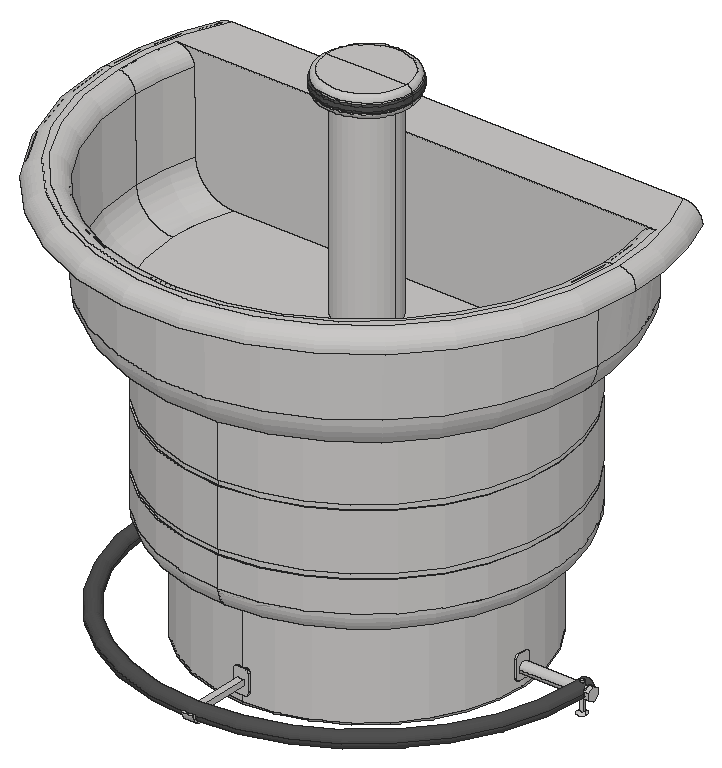
Revit family "Washfountain_Lavatory-Bradley_Corp-WF2703-Type_H_Drain", category Plumbing Fixtures, Revit 2012 (continued)
Lines and regions (in)
  symbolic lines, detail levels medium+fine
    curve 145: circle (4.87771, -7.6967, 28) r 0.1842 normal (0, 0, 1)
    curve 146: circle (4.62063, -8.31733, 28) r 0.1842 normal (0, 0, 1)
    curve 147: circle (4, -8.57441, 28) r 0.1842 normal (0, 0, 1)
    curve 148: circle (3.37937, -8.31733, 28) r 0.1842 normal (0, 0, 1)
    curve 176: arc (-12.38828, -6.27314, 28) -> (0.21261, -20.22419, 28) -> (12.33075, -5.85182, 28) r 12.476
    curve 177: arc (-11.60696, -5.4365, 28) -> (-12.17933, -5.68512, 28) -> (-12.38828, -6.27314, 28) r 0.78315
    curve 178: arc (12.36654, -6.02898, 28) -> (12.08862, -5.60213, 28) -> (11.60696, -5.4365, 28) r 0.78315
    curve 179: line (-11.60696, -5.4365, 28) -> (11.60696, -5.4365, 28)
    curve 189: circle (0, -7.6967, 33.875) r 2.75 normal (0, 0, 1)
  symbolic lines, visible <- "Sensor Module"
    curve 41: line (-1.99987, -7.6967, 34.53462) -> (1.99987, -7.6967, 34.53462)
    curve 57: line (0, -5.6967, 34.53462) -> (0, -9.69657, 34.53462)
  symbolic lines, visible <- "Sensor Module", detail levels fine
    curve 42: line (-4.49987, -7.6967, 36.80962) -> (4.49987, -7.6967, 36.80962)
    curve 59: line (0, -3.1967, 36.80962) -> (0, -12.1967, 36.80962)
  symbolic lines, visible <- "Sensor Module", detail levels medium
    curve 43: line (-4.57537, -7.6967, 35.36012) -> (4.57537, -7.6967, 35.36012)
    curve 58: line (0, -3.12133, 35.36012) -> (0, -12.27207, 35.36012)
  symbolic lines, visible <- "Soap Dispenser", detail levels medium+fine
    curve 44: line (-6.13971, -7.6967, 41.37453) -> (6.13971, -7.6967, 41.37453)
    curve 60: line (0, -13.83546, 41.37453) -> (0, -5.4467, 41.37453)
    curve 185: line (-4.15684, -5.4467, 42.375) -> (-4.15684, -7.6967, 42.375)
    curve 186: arc (4.15684, -7.6967, 42.375) -> (0, -11.85353, 42.375) -> (-4.15684, -7.6967, 42.375) r 4.15684
    curve 187: line (4.15684, -5.4467, 42.375) -> (4.15684, -7.6967, 42.375)
  symbolic lines, visible <- "Soap Dispenser", detail levels fine
    curve 45: line (6.13971, -7.6967, 41.99971) -> (-6.13971, -7.6967, 41.99971)
    curve 46: line (-5.98301, -7.6967, 40.73265) -> (5.98301, -7.6967, 40.73265)
    curve 47: line (5.93039, -7.6967, 39.48265) -> (-5.93039, -7.6967, 39.48265)
    curve 48: line (-5.87777, -7.6967, 38.23265) -> (5.87777, -7.6967, 38.23265)
    curve 49: line (5.81, -7.6967, 36.98265) -> (-5.81, -7.6967, 36.98265)
    curve 61: line (0, -13.83546, 41.99971) -> (0, -5.4467, 41.99971)
    curve 62: line (0, -13.67876, 40.73265) -> (0, -5.4467, 40.73265)
    curve 63: line (0, -13.62614, 39.48265) -> (0, -5.4467, 39.48265)
    curve 64: line (0, -13.57352, 38.23265) -> (0, -5.4467, 38.23265)
    curve 65: line (0, -13.50574, 36.98265) -> (0, -5.4467, 36.98265)
  model lines, visible <- "Towel Dispenser", detail levels fine
    curve 79: spline (-9.02868, -6.55856, 48.62502) -> (-8.93498, -6.72086, 51.66615) -> (-8.66025, -7.1967, 54.50002) -> (-8.22323, -7.95365, 56.93353) -> (-7.65368, -8.94013, 58.80082) -> (-6.99044, -10.08891, 59.97465) -> (-6.27868, -11.3217, 60.37502) -> (-5.56693, -12.55449, 59.97465) -> (-4.90368, -13.70327, 58.80082) -> (-4.33414, -14.68975, 56.93353) -> (-3.89711, -15.4467, 54.50002) -> (-3.62239, -15.92254, 51.66615) -> (-3.52868, -16.08484, 48.62502)
    curve 80: spline (3.52868, -16.08484, 48.62502) -> (3.62239, -15.92254, 51.66615) -> (3.89711, -15.4467, 54.50002) -> (4.33414, -14.68975, 56.93353) -> (4.90368, -13.70327, 58.80082) -> (5.56693, -12.55449, 59.97465) -> (6.27868, -11.3217, 60.37502) -> (6.99044, -10.08891, 59.97465) -> (7.65368, -8.94013, 58.80082) -> (8.22323, -7.95365, 56.93353) -> (8.66025, -7.1967, 54.50002) -> (8.93498, -6.72086, 51.66615) -> (9.02868, -6.55856, 48.62502)
    curve 81: spline (4.50718, -14.39003, 51.22702) -> (4.52698, -14.35573, 51.2611) -> (4.54543, -14.32377, 51.361) -> (4.56128, -14.29633, 51.51992) -> (4.57344, -14.27528, 51.72702) -> (4.58108, -14.26204, 51.9682) -> (4.58368, -14.25752, 52.22702) -> (4.58108, -14.26204, 52.48584) -> (4.57344, -14.27528, 52.72702) -> (4.56128, -14.29633, 52.93413) -> (4.54543, -14.32377, 53.09305) -> (4.52698, -14.35573, 53.19295) -> (4.50718, -14.39003, 53.22702) -> (4.48738, -14.42432, 53.19295) -> (4.46893, -14.45628, 53.09305) -> (4.45309, -14.48372, 52.93413) -> (4.44093, -14.50478, 52.72702) -> (4.43329, -14.51801, 52.48584) -> (4.43068, -14.52253, 52.22702) -> (4.43329, -14.51801, 51.9682) -> (4.44093, -14.50478, 51.72702) -> (4.45309, -14.48372, 51.51992) -> (4.46893, -14.45628, 51.361) -> (4.48738, -14.42432, 51.2611) -> (4.50718, -14.39003, 51.22702)
    curve 82: spline (-8.05018, -8.25337, 51.22702) -> (-8.03038, -8.28766, 51.2611) -> (-8.01193, -8.31962, 51.361) -> (-7.99609, -8.34706, 51.51992) -> (-7.98393, -8.36812, 51.72702) -> (-7.97629, -8.38136, 51.9682) -> (-7.97368, -8.38587, 52.22702) -> (-7.97629, -8.38136, 52.48584) -> (-7.98393, -8.36812, 52.72702) -> (-7.99609, -8.34706, 52.93413) -> (-8.01193, -8.31962, 53.09305) -> (-8.03038, -8.28766, 53.19295) -> (-8.05018, -8.25337, 53.22702) -> (-8.06998, -8.21907, 53.19295) -> (-8.08843, -8.18712, 53.09305) -> (-8.10428, -8.15968, 52.93413) -> (-8.11644, -8.13862, 52.72702) -> (-8.12408, -8.12538, 52.48584) -> (-8.12668, -8.12087, 52.22702) -> (-8.12408, -8.12538, 51.9682) -> (-8.11644, -8.13862, 51.72702) -> (-8.10428, -8.15968, 51.51992) -> (-8.08843, -8.18712, 51.361) -> (-8.06998, -8.21907, 51.2611) -> (-8.05018, -8.25337, 51.22702)
  symbolic lines, visible <- "Towel Dispenser"
    curve 83: line (-2, -26.03001, 62.563) -> (2, -26.03001, 62.563)
    curve 84: line (-9.02868, -26.03001, 61.87567) -> (-3.52868, -26.03001, 61.87567)
    curve 85: line (-3.52868, -26.03001, 61.87567) -> (-0.06458, -26.03001, 62.563)
    curve 86: line (0.06458, -26.03001, 62.563) -> (3.52868, -26.03001, 61.87567)
    curve 87: line (3.52868, -26.03001, 61.87567) -> (9.02868, -26.03001, 61.87567)
    curve 88: line (3.52868, -26.03001, 61.87567) -> (3.52868, -26.03001, 48.62502)
    curve 89: line (3.52868, -26.03001, 48.62502) -> (9.02868, -26.03001, 48.62502)
    curve 90: line (3.52868, -26.03001, 48.62502) -> (1.58013, -26.03001, 47.25)
    curve 91: line (0.06458, -26.03001, 47.25) -> (0.06458, -26.03001, 62.563)
    curve 92: line (-0.06458, -26.03001, 62.563) -> (-0.06458, -26.03001, 47.25)
    curve 93: line (-9.02868, -26.03001, 48.62502) -> (-3.52868, -26.03001, 48.62502)
    curve 94: line (-3.52868, -26.03001, 48.62502) -> (-1.58013, -26.03001, 47.25)
    curve 95: line (-3.52868, -26.03001, 48.62502) -> (-3.52868, -26.03001, 61.87567)
    curve 108: line (0, -4.4467, 62.563) -> (0, -4.4467, 47.25)
    curve 109: line (0, -4.55856, 62.563) -> (0, -4.55856, 47.25)
    curve 110: line (0, -6.55856, 61.87567) -> (0, -4.55856, 62.563)
    curve 111: line (0, -6.55856, 48.62502) -> (0, -6.55856, 61.87567)
    curve 112: line (0, -6.55856, 61.87567) -> (0, -16.08484, 61.87567)
    curve 113: line (0, -5.6967, 62.563) -> (0, -9.6967, 62.563)
    curve 116: line (0, -5.43356, 47.25) -> (0, -6.55856, 48.62502)
    curve 117: line (0, -6.55856, 48.62502) -> (0, -16.08484, 48.62502)
    curve 123: line (-5.56458, 0, 62.563) -> (-5.56458, 0, 47.25)
    curve 124: line (5.56458, 0, 62.563) -> (5.56458, 0, 47.25)
    curve 125: line (-5.56458, 0, 61.87567) -> (5.56458, 0, 61.87567)
    curve 126: line (-5.56458, 0, 61.37567) -> (5.56458, 0, 61.37567)
    curve 127: line (-5.56458, 0, 48.8286) -> (5.56458, 0, 48.8286)
    curve 128: line (-5.56458, 0, 48.3286) -> (5.56458, 0, 48.3286)
    curve 129: line (-2, 0, 47.25) -> (-2, 0, 48.3286)
    curve 130: line (2.00013, 0, 47.25) -> (2.00013, 0, 48.3286)
    curve 131: line (2, 0, 48.8286) -> (2, 0, 61.37567)
    curve 132: line (2, 0, 61.87567) -> (2, 0, 62.563)
    curve 133: line (-2, 0, 62.563) -> (-2, 0, 61.87567)
    curve 134: line (-2, 0, 61.37567) -> (-2, 0, 48.8286)
    curve 135: line (-2, -26.03001, 47.25) -> (2.00013, -26.03001, 47.25)
    curve 181: line (-0.06458, -14.08484, 47.25) -> (-5.56458, -4.55856, 47.25)
    curve 182: line (5.56458, -4.55856, 47.25) -> (0.06458, -14.08484, 47.25)
    curve 184: circle (0, -7.6967, 47.25) r 2 normal (0, 0, 1)
  symbolic lines, visible <- "Towel Dispenser", detail levels fine
    curve 96: spline (-9.02868, -26.03001, 48.62502) -> (-8.93498, -26.03001, 51.66615) -> (-8.66025, -26.03001, 54.50002) -> (-8.22323, -26.03001, 56.93353) -> (-7.65368, -26.03001, 58.80082) -> (-6.99044, -26.03001, 59.97465) -> (-6.27868, -26.03001, 60.37502) -> (-5.56693, -26.03001, 59.97465) -> (-4.90368, -26.03001, 58.80082) -> (-4.33414, -26.03001, 56.93353) -> (-3.89711, -26.03001, 54.50002) -> (-3.62239, -26.03001, 51.66615) -> (-3.52868, -26.03001, 48.62502)
    curve 97: spline (3.52868, -26.03001, 48.62502) -> (3.62239, -26.03001, 51.66615) -> (3.89711, -26.03001, 54.50002) -> (4.33414, -26.03001, 56.93353) -> (4.90368, -26.03001, 58.80082) -> (5.56693, -26.03001, 59.97465) -> (6.27868, -26.03001, 60.37502) -> (6.99044, -26.03001, 59.97465) -> (7.65368, -26.03001, 58.80082) -> (8.22323, -26.03001, 56.93353) -> (8.66025, -26.03001, 54.50002) -> (8.93498, -26.03001, 51.66615) -> (9.02868, -26.03001, 48.62502)
    curve 98: spline (-8.05018, -26.03001, 51.22702) -> (-8.03038, -26.03001, 51.2611) -> (-8.01193, -26.03001, 51.361) -> (-7.99609, -26.03001, 51.51992) -> (-7.98393, -26.03001, 51.72702) -> (-7.97629, -26.03001, 51.9682) -> (-7.97368, -26.03001, 52.22702) -> (-7.97629, -26.03001, 52.48584) -> (-7.98393, -26.03001, 52.72702) -> (-7.99609, -26.03001, 52.93413) -> (-8.01193, -26.03001, 53.09305) -> (-8.03038, -26.03001, 53.19295) -> (-8.05018, -26.03001, 53.22702) -> (-8.06998, -26.03001, 53.19295) -> (-8.08843, -26.03001, 53.09305) -> (-8.10428, -26.03001, 52.93413) -> (-8.11644, -26.03001, 52.72702) -> (-8.12408, -26.03001, 52.48584) -> (-8.12668, -26.03001, 52.22702) -> (-8.12408, -26.03001, 51.9682) -> (-8.11644, -26.03001, 51.72702) -> (-8.10428, -26.03001, 51.51992) -> (-8.08843, -26.03001, 51.361) -> (-8.06998, -26.03001, 51.2611) -> (-8.05018, -26.03001, 51.22702)
    curve 99: spline (4.50718, -26.03001, 51.22702) -> (4.52698, -26.03001, 51.2611) -> (4.54543, -26.03001, 51.361) -> (4.56128, -26.03001, 51.51992) -> (4.57344, -26.03001, 51.72702) -> (4.58108, -26.03001, 51.9682) -> (4.58368, -26.03001, 52.22702) -> (4.58108, -26.03001, 52.48584) -> (4.57344, -26.03001, 52.72702) -> (4.56128, -26.03001, 52.93413) -> (4.54543, -26.03001, 53.09305) -> (4.52698, -26.03001, 53.19295) -> (4.50718, -26.03001, 53.22702) -> (4.48738, -26.03001, 53.19295) -> (4.46893, -26.03001, 53.09305) -> (4.45309, -26.03001, 52.93413) -> (4.44093, -26.03001, 52.72702) -> (4.43329, -26.03001, 52.48584) -> (4.43068, -26.03001, 52.22702) -> (4.43329, -26.03001, 51.9682) -> (4.44093, -26.03001, 51.72702) -> (4.45309, -26.03001, 51.51992) -> (4.46893, -26.03001, 51.361) -> (4.48738, -26.03001, 51.2611) -> (4.50718, -26.03001, 51.22702)
    curve 114: spline (0, -6.55856, 48.62502) -> (0, -6.72086, 51.66615) -> (0, -7.1967, 54.50002) -> (0, -7.95365, 56.93353) -> (0, -8.94013, 58.80082) -> (0, -10.08891, 59.97465) -> (0, -11.3217, 60.37502) -> (0, -12.55449, 59.97465) -> (0, -13.70327, 58.80082) -> (0, -14.68975, 56.93353) -> (0, -15.4467, 54.50002) -> (0, -15.92254, 51.66615) -> (0, -16.08484, 48.62502)
    curve 115: spline (0, -14.39003, 51.22702) -> (0, -14.35573, 51.2611) -> (0, -14.32377, 51.361) -> (0, -14.29633, 51.51992) -> (0, -14.27528, 51.72702) -> (0, -14.26204, 51.9682) -> (0, -14.25752, 52.22702) -> (0, -14.26204, 52.48584) -> (0, -14.27528, 52.72702) -> (0, -14.29633, 52.93413) -> (0, -14.32377, 53.09305) -> (0, -14.35573, 53.19295) -> (0, -14.39003, 53.22702) -> (0, -14.42432, 53.19295) -> (0, -14.45628, 53.09305) -> (0, -14.48372, 52.93413) -> (0, -14.50478, 52.72702) -> (0, -14.51801, 52.48584) -> (0, -14.52253, 52.22702) -> (0, -14.51801, 51.9682) -> (0, -14.50478, 51.72702) -> (0, -14.48372, 51.51992) -> (0, -14.45628, 51.361) -> (0, -14.42432, 51.2611) -> (0, -14.39003, 51.22702)
  symbolic lines, visible <- "Towel Dispenser", detail levels medium+fine
    curve 100: line (-7.85863, -26.03001, 48.3286) -> (-3.85863, -26.03001, 48.3286)
    curve 101: spline (-3.85863, -26.03001, 48.3286) -> (-3.74268, -26.03001, 48.31528) -> (-3.59687, -26.03001, 48.27621) -> (-3.43113, -26.03001, 48.21406) -> (-3.25676, -26.03001, 48.13306) -> (-3.08563, -26.03001, 48.03873) -> (-2.92941, -26.03001, 47.93751) -> (-2.79874, -26.03001, 47.83629) -> (-2.70254, -26.03001, 47.74197) -> (-2.64735, -26.03001, 47.66097) -> (-2.63694, -26.03001, 47.59882) -> (-2.67201, -26.03001, 47.55975) -> (-2.75019, -26.03001, 47.54642)
    curve 102: line (-2.75019, -26.03001, 47.54642) -> (-6.75019, -26.03001, 47.54642)
    curve 103: spline (-6.75019, -26.03001, 47.54642) -> (-6.86613, -26.03001, 47.55975) -> (-7.01194, -26.03001, 47.59882) -> (-7.17768, -26.03001, 47.66097) -> (-7.35206, -26.03001, 47.74197) -> (-7.52319, -26.03001, 47.83629) -> (-7.67941, -26.03001, 47.93751) -> (-7.81007, -26.03001, 48.03873) -> (-7.90628, -26.03001, 48.13306) -> (-7.96146, -26.03001, 48.21406) -> (-7.97187, -26.03001, 48.27621) -> (-7.9368, -26.03001, 48.31528) -> (-7.85863, -26.03001, 48.3286)
    curve 104: line (7.85863, -26.03001, 48.3286) -> (3.85863, -26.03001, 48.3286)
    curve 105: spline (3.85863, -26.03001, 48.3286) -> (3.74268, -26.03001, 48.31528) -> (3.59687, -26.03001, 48.27621) -> (3.43113, -26.03001, 48.21406) -> (3.25676, -26.03001, 48.13306) -> (3.08563, -26.03001, 48.03873) -> (2.92941, -26.03001, 47.93751) -> (2.79874, -26.03001, 47.83629) -> (2.70254, -26.03001, 47.74197) -> (2.64735, -26.03001, 47.66097) -> (2.63694, -26.03001, 47.59882) -> (2.67201, -26.03001, 47.55975) -> (2.75019, -26.03001, 47.54642)
    curve 106: line (2.75019, -26.03001, 47.54642) -> (6.75019, -26.03001, 47.54642)
    curve 107: spline (6.75019, -26.03001, 47.54642) -> (6.86613, -26.03001, 47.55975) -> (7.01194, -26.03001, 47.59882) -> (7.17768, -26.03001, 47.66097) -> (7.35206, -26.03001, 47.74197) -> (7.52319, -26.03001, 47.83629) -> (7.67941, -26.03001, 47.93751) -> (7.81007, -26.03001, 48.03873) -> (7.90628, -26.03001, 48.13306) -> (7.96146, -26.03001, 48.21406) -> (7.97187, -26.03001, 48.27621) -> (7.9368, -26.03001, 48.31528) -> (7.85863, -26.03001, 48.3286)
    curve 118: spline (0, -7.61507, 48.3286) -> (0, -7.43606, 48.31528) -> (0, -7.24745, 48.27621) -> (0, -7.06208, 48.21406) -> (0, -6.89258, 48.13306) -> (0, -6.75052, 48.03873) -> (0, -6.64558, 47.93751) -> (0, -6.58489, 47.83629) -> (0, -6.57261, 47.74197) -> (0, -6.60956, 47.66097) -> (0, -6.69323, 47.59882) -> (0, -6.81791, 47.55975) -> (0, -6.97512, 47.54642)
    curve 119: line (0, -6.97512, 47.54642) -> (0, -13.90332, 47.54642)
    curve 120: spline (0, -13.90332, 47.54642) -> (0, -14.08233, 47.55975) -> (0, -14.27095, 47.59882) -> (0, -14.45632, 47.66097) -> (0, -14.62581, 47.74197) -> (0, -14.76787, 47.83629) -> (0, -14.87282, 47.93751) -> (0, -14.9335, 48.03873) -> (0, -14.94579, 48.13306) -> (0, -14.90884, 48.21406) -> (0, -14.82517, 48.27621) -> (0, -14.70048, 48.31528) -> (0, -14.54328, 48.3286)
    curve 121: line (0, -14.54328, 48.3286) -> (0, -7.61507, 48.3286)
    curve 180: line (-7.08013, -5.43356, 47.25) -> (-1.58013, -14.95984, 47.25)
    curve 183: line (1.58013, -14.95984, 47.25) -> (7.08013, -5.43356, 47.25)
  model lines, detail levels medium+fine
    curve 137: circle (4, -7.6967, 19.06097) r 1.25 normal (0, 0, 1)
    curve 193: circle (4, -7.6967, 19.12) r 1.25 normal (0, 0, 1)
  symbolic lines, visible <- "Foot Control Valve", detail levels fine
    curve 155: line (0, -7.5767, 0.1445) -> (0, -7.8167, 0.1445)
    curve 156: circle (0, -7.75001, 1.425) r 0.36122 normal (1, 0, 0)
    curve 157: line (0, -7.5767, 1.99999) -> (0, -7.8167, 1.99999)
    curve 158: line (0, -7.8167, 1.99999) -> (0, -7.8167, 1.9244)
    curve 159: line (0, -7.5767, 1.99999) -> (0, -7.5767, 1.9244)
    curve 160: line (0, -7.5767, 0.67154) -> (0, -7.5767, 0.92558)
    curve 161: line (0, -7.8167, 0.67154) -> (0, -7.8167, 0.92558)
    curve 164: line (-15.01563, 0, 1.7965) -> (-15.01563, 0, 1.0535)
    curve 165: line (-15.32813, 0, 1.63949) -> (-15.01563, 0, 1.63949)
    curve 166: line (-15.32813, 0, 1.21051) -> (-15.01563, 0, 1.21051)
    curve 167: line (-14.69813, 0, 0.1445) -> (-14.45813, 0, 0.1445)
    curve 168: line (15.04349, 0, 1.63948) -> (15.37923, 0, 1.63948)
    curve 169: line (15.04349, 0, 1.79649) -> (15.04349, 0, 1.05349)
    curve 170: line (15.04349, 0, 1.21051) -> (15.37923, 0, 1.21051)
    curve 171: line (14.45813, 0, 0.1445) -> (14.69813, 0, 0.1445)
    curve 190: line (-0.40046, -27.53001, 0.92558) -> (-0.40046, -27.53001, 0.82558)
    curve 191: line (-0.40046, -27.53001, 0.82558) -> (0.4, -27.53001, 0.82558)
    curve 192: line (0.4, -27.53001, 0.82558) -> (0.4, -27.53001, 0.92558)
  symbolic lines, visible <- "Foot Control Valve", detail levels coarse+medium
    curve 162: line (-0.40046, -26.03001, 0.92558) -> (0.4, -26.03001, 0.92558)
  symbolic lines, visible <- "Sensor Module", detail levels medium+fine
    curve 188: circle (0, -7.6967, 37.375) r 3.75 normal (0, 0, 1)
  symbolic lines, visible <- "Button Visibility"
    curve 196: circle (0, -27.53001, 36.08487) r 0.5 normal (0, -1, 0)
Dimensions and locks (in)
  equal spacing: plane 4 "Left", plane 3 "Center (Left/Right)", plane 5 "Right"
  "Width": plane 4 "Left" to plane 5 "Right"
  "Towel Dispenser Height": plane 6 "Towel Dispenser" to plane 2
  "Soap Dispenser Height": plane 7 "Soap Dispenser" to plane 2
  "Sensor Module Height": plane 8 "Sensor Module" to plane 2
  "Spray Head Height": plane 9 "Spray Head" to plane 2
  "Rim Height": plane 10 "Rim Height" to plane 2
  "Pedestal Height": plane 11 "Pedestal Height" to plane 2
  locked: plane 9 "Spray Head" to Revolve 7 sketch curve at 1.38963
  locked: plane 9 "Spray Head" to Revolve 8 sketch curve at 1.38963
  locked: plane 9 "Spray Head" to Masking region 1 sketch curve at 1.38963  (x2)
  locked: plane 9 "Spray Head" to Masking region 2 sketch curve at 1.38963  (x2)
  locked: plane 8 "Sensor Module" to Revolve 9 sketch curve at 2.84038
  locked: plane 8 "Sensor Module" to Revolve 10 sketch curve at 2.84038
  locked: plane 8 "Sensor Module" to Masking region 3 sketch curve at 2.84038  (x2)
  locked: plane 8 "Sensor Module" to Masking region 4 sketch curve at 2.84038  (x2)
  locked: plane 7 "Soap Dispenser" to plane 13 at 6
  locked: plane 8 "Sensor Module" to Masking region 10 sketch curve at 2.84038  (x2)
  locked: plane 8 "Sensor Module" to Masking region 9 sketch curve at 2.84038  (x2)
  locked: plane 14 "Front" to plane 1 "Center (Front/Back)" at 26.03001
  locked: curve 76 to Extrusion 16 sketch curve at 15.313
  locked: curve 76 to Extrusion 16 sketch curve at 15.16279
  locked: Extrusion 16 sketch curve to curve 76 at 4
  locked: Extrusion 16 sketch curve to Extrusion 16 sketch curve at 1.37502
  locked: curve 77 to Extrusion 17 sketch curve at 4
  locked: curve 77 to Extrusion 17 sketch curve at 15.313
  locked: curve 77 to Extrusion 17 sketch curve at 15.16279
  locked: Extrusion 17 sketch curve to Extrusion 17 sketch curve at 1.37502
  locked: Extrusion 19 to Extrusion 16 at 1
  "Towel Dispenser Holder": plane 6 "Towel Dispenser" to Extrusion 19
  "Soap Dispenser Holder": plane 13 to Extrusion 20
  "Towel Dispenser Holder": plane 6 "Towel Dispenser" to Masking region 21
  "Soap Dispenser Holder": plane 13 to Masking region 22
  "Towel Dispenser Holder": plane 6 "Towel Dispenser" to Masking region 24
  "Soap Dispenser Holder": Masking region 23 to plane 13
  locked: Extrusion 36 sketch curve to plane 1 "Center (Front/Back)" at 7.75
  locked: Extrusion 36 to plane 2 at 3
  Extrusion 37 sketch curve to plane 3 "Center (Left/Right)" = 7.625"
  locked: Extrusion 37 sketch curve to plane 2 at 12
  locked: plane 1 "Center (Front/Back)" to Extrusion 37 at 3
  "Vent Height": Extrusion 35 to plane 2
  Extrusion 38 sketch curve to plane 1 "Center (Front/Back)" = 4.500"  (x2)
  Extrusion 38 sketch curve to plane 3 "Center (Left/Right)" to Extrusion 38 sketch curve = 7.625", 7.625"
  locked: Extrusion 38 to plane 2 at 2.5
  locked: Extrusion 36 sketch curve to plane 3 "Center (Left/Right)" at 4
  plane 3 "Center (Left/Right)" to Extrusion 37 sketch curve = 7.625"
  Extrusion 37 sketch curve to plane 2 = 12.000"
  locked: plane 7 "Soap Dispenser" to Revolve 12 sketch curve at 1.00047
  locked: plane 7 "Soap Dispenser" to Extrusion 14 sketch curve at 1.00047
  locked: plane 7 "Soap Dispenser" to Revolve 40 sketch curve at 1.00047
  locked: plane 7 "Soap Dispenser" to Extrusion 41 sketch curve at 1.00047
  locked: plane 8 "Sensor Module" to Extrusion 42 sketch curve at 1.29013
  locked: plane 8 "Sensor Module" to Extrusion 43 sketch curve at 1.29013
  locked: plane 8 "Sensor Module" to curve 196 at 1.29013
  radius of Extrusion 19 sketch curve = 2.000"
  radius of Extrusion 20 sketch curve = 2.000"
  "Vent Radius": radius of Extrusion 35 sketch curve
  "Drain Radius": radius of Extrusion 36 sketch curve
  "Cold Lavatory Inlet Primary Radius": radius of Extrusion 37 sketch curve
  "Hot Lavatory Inlet Secondary Radius": radius of Extrusion 38 sketch curve
  "Cold Lavatory Inlet Secondary Radius": radius of Extrusion 38 sketch curve
  "Hot Lavatory Inlet Primary Radius": radius of Extrusion 37 sketch curve
  aligned and locked: Extrusion 2 sketch curve to plane 1 "Center (Front/Back)"
  aligned and locked: Extrusion 2 to plane 2
  aligned and locked: plane 9 "Spray Head" to Extrusion 2
  aligned and locked: plane 12 to Revolve 4 sketch curve
  aligned and locked: plane 12 to Revolve 5 sketch curve
  aligned and locked: plane 12 to Revolve 6 sketch curve
  aligned and locked: Revolve 7 sketch curve to plane 3 "Center (Left/Right)"
  aligned and locked: Revolve 8 sketch curve to plane 3 "Center (Left/Right)"
  aligned and locked: plane 11 "Pedestal Height" to Revolve 7 sketch curve
  aligned and locked: Revolve 7 sketch curve to plane 9 "Spray Head"
  aligned and locked: Revolve 8 sketch curve to plane 11 "Pedestal Height"
  aligned and locked: Masking region 1 sketch curve to plane 10 "Rim Height"
  aligned and locked: Masking region 2 sketch curve to plane 10 "Rim Height"
  aligned and locked: Masking region 2 sketch curve to plane 9 "Spray Head"
  aligned and locked: Revolve 9 sketch curve to plane 8 "Sensor Module"
  aligned and locked: Revolve 9 sketch curve to plane 9 "Spray Head"
  aligned and locked: Revolve 9 sketch curve to plane 3 "Center (Left/Right)"
  aligned and locked: Revolve 10 sketch curve to plane 3 "Center (Left/Right)"
  aligned and locked: Revolve 10 sketch curve to plane 9 "Spray Head"
  aligned and locked: Masking region 3 sketch curve to plane 9 "Spray Head"
  aligned and locked: Masking region 4 sketch curve to plane 9 "Spray Head"
  aligned and locked: Masking region 4 sketch curve to plane 8 "Sensor Module"
  aligned and locked: Revolve 11 sketch curve to plane 7 "Soap Dispenser"
  aligned and locked: plane 13 to Revolve 11 sketch curve
  aligned and locked: Revolve 11 sketch curve to plane 3 "Center (Left/Right)"
  aligned and locked: Revolve 12 sketch curve to plane 3 "Center (Left/Right)"
  aligned and locked: Masking region 5 sketch curve to plane 7 "Soap Dispenser"
  aligned and locked: Masking region 5 sketch curve to plane 13
  aligned and locked: Masking region 6 sketch curve to plane 7 "Soap Dispenser"
  aligned and locked: plane 13 to Masking region 6 sketch curve
  aligned and locked: Extrusion 13 sketch curve to plane 7 "Soap Dispenser"
  aligned and locked: plane 13 to Extrusion 13 sketch curve
  aligned and locked: plane 13 to Extrusion 14 sketch curve
  aligned and locked: plane 9 "Spray Head" to Masking region 9 sketch curve
  aligned and locked: Masking region 9 sketch curve to plane 8 "Sensor Module"
  aligned and locked: Masking region 10 sketch curve to plane 8 "Sensor Module"
  aligned and locked: Masking region 10 sketch curve to plane 9 "Spray Head"
  aligned and locked: Masking region 11 sketch curve to plane 10 "Rim Height"
  aligned and locked: Masking region 11 sketch curve to plane 9 "Spray Head"
  aligned and locked: Masking region 12 sketch curve to plane 10 "Rim Height"
  aligned and locked: Masking region 15 sketch curve to plane 11 "Pedestal Height"
  aligned and locked: Masking region 15 sketch curve to plane 2
  aligned and locked: Masking region 16 sketch curve to plane 11 "Pedestal Height"
  aligned and locked: Masking region 16 sketch curve to plane 2
  aligned and locked: Masking region 17 sketch curve to plane 10 "Rim Height"
  aligned and locked: Masking region 17 sketch curve to plane 11 "Pedestal Height"
  aligned and locked: Masking region 18 sketch curve to plane 10 "Rim Height"
  aligned and locked: plane 11 "Pedestal Height" to Masking region 18 sketch curve
  aligned and locked: Masking region 19 sketch curve to plane 11 "Pedestal Height"
  aligned and locked: plane 2 to Masking region 19 sketch curve
  aligned and locked: Masking region 20 sketch curve to plane 11 "Pedestal Height"
  aligned and locked: plane 2 to Masking region 20 sketch curve
  aligned and locked: plane 12 to Extrusion 15 sketch curve
  aligned and locked: plane 3 "Center (Left/Right)" to Extrusion 15 sketch curve
  aligned and locked: plane 12 to Extrusion 18 sketch curve
  aligned and locked: plane 3 "Center (Left/Right)" to Extrusion 18 sketch curve
  aligned and locked: plane 12 to Extrusion 19 sketch curve
  aligned and locked: plane 3 "Center (Left/Right)" to Extrusion 19 sketch curve
  aligned and locked: plane 12 to Extrusion 20 sketch curve
  aligned and locked: plane 3 "Center (Left/Right)" to Extrusion 20 sketch curve
  aligned and locked: Extrusion 20 to plane 13
  aligned and locked: plane 6 "Towel Dispenser" to Masking region 21
  aligned and locked: Masking region 22 to plane 13
  aligned and locked: plane 13 to Masking region 23
  aligned and locked: Masking region 24 to plane 6 "Towel Dispenser"
  aligned and locked: Extrusion 22 to plane 11 "Pedestal Height"
  aligned and locked: plane 2 to Blend 30
  aligned and locked: Blend 29 to plane 2
  aligned and locked: Blend 30 to Extrusion 28
  aligned and locked: plane 12 to Masking region 32 sketch curve
  aligned and locked: plane 3 "Center (Left/Right)" to Masking region 32 sketch curve
  aligned and locked: plane 3 "Center (Left/Right)" to curve 184
  aligned and locked: plane 12 to curve 184
  aligned and locked: plane 3 "Center (Left/Right)" to Masking region 35 sketch curve
  aligned and locked: plane 12 to Masking region 35 sketch curve
  aligned and locked: plane 12 to curve 188
  aligned and locked: plane 3 "Center (Left/Right)" to curve 188
  aligned and locked: plane 12 to Masking region 36 sketch curve
  aligned and locked: plane 3 "Center (Left/Right)" to Masking region 36 sketch curve
  aligned and locked: plane 12 to curve 189
  aligned and locked: plane 3 "Center (Left/Right)" to curve 189
  aligned and locked: Extrusion 35 to plane 2
  aligned and locked: Extrusion 36 to plane 2
  aligned and locked: Extrusion 37 to plane 1 "Center (Front/Back)"
  aligned and locked: plane 3 "Center (Left/Right)" to Extrusion 35 sketch curve
  aligned and locked: plane 12 to Extrusion 35 sketch curve
  aligned and locked: Extrusion 38 to plane 2
  aligned and locked: Revolve 40 sketch curve to plane 3 "Center (Left/Right)"
  aligned and locked: plane 3 "Center (Left/Right)" to Extrusion 42 sketch curve
  aligned and locked: plane 3 "Center (Left/Right)" to Extrusion 43 sketch curve
  aligned and locked: Extrusion 42 to Masking region 9
  aligned and locked: Masking region 9 to Extrusion 43
  aligned and locked: Extrusion 43 to Masking region 10
  aligned and locked: Masking region 10 to Masking region 38 sketch curve
  aligned and locked: Masking region 38 sketch curve to Masking region 9
  aligned and locked: Sweep 1 sketch curve to plane 11 "Pedestal Height"
  aligned and locked: plane 11 "Pedestal Height" to Sweep 3 sketch curve
  aligned and locked: Masking region 15 sketch curve to cut or joined group of Extrusion 2, Revolve 4  (x5)
  aligned and locked: cut or joined group of Extrusion 2, Revolve 4 to Masking region 15 sketch curve  (x3)
  aligned and locked: cut or joined group of Extrusion 2, Revolve 4 to curve 29
  aligned and locked: cut or joined group of Extrusion 2, Revolve 4 to curve 27
  aligned and locked: cut or joined group of Extrusion 2, Revolve 4 to curve 32
  aligned and locked: cut or joined group of Extrusion 2, Revolve 4 to curve 30
  aligned and locked: cut or joined group of Extrusion 2, Revolve 4 to Masking region 20 sketch curve  (x3)
  aligned and locked: Masking region 20 sketch curve to cut or joined group of Extrusion 2, Revolve 4
  aligned and locked: cut or joined group of Extrusion 2, Revolve 4 to cut or joined group of Extrusion 2, Revolve 4  (x4)
  aligned and locked: curve 33 to cut or joined group of Extrusion 2, Sweep 3, Extrusion 22, Extrusion 44
  aligned and locked: cut or joined group of Extrusion 2, Sweep 3, Extrusion 22, Extrusion 44 to curve 24
Automatic sketch dimensions
  curve 163 to plane 3 "Center (Left/Right)" = 1.500"
  plane 3 "Center (Left/Right)" to curve 163 = 1.500"
  curve 163 to plane 14 "Front" = 1.500"
  curve 1 to plane 1 "Center (Front/Back)" = 0.000"
  curve 2 to plane 3 "Center (Left/Right)" = 0.000"
  plane 3 "Center (Left/Right)" to curve 1 = 3.000"
  curve 1 to plane 3 "Center (Left/Right)" = 3.000"
  curve 2 to plane 1 "Center (Front/Back)" = 3.000"
  plane 1 "Center (Front/Back)" to curve 2 = 3.000"
  curve 3 to plane 12 = 0.000"
  curve 4 to plane 3 "Center (Left/Right)" = 0.000"
  plane 3 "Center (Left/Right)" to curve 3 = 3.000"
  curve 3 to plane 3 "Center (Left/Right)" = 3.000"
  plane 12 to curve 4 = 3.000"
  curve 4 to plane 12 = 3.000"
  curve 7 to plane 12 = 0.000"
  curve 8 to plane 3 "Center (Left/Right)" = 0.000"
  plane 3 "Center (Left/Right)" to curve 7 = 3.000"
  curve 7 to plane 3 "Center (Left/Right)" = 3.000"
  plane 12 to curve 8 = 3.000"
  curve 8 to plane 12 = 3.000"
  curve 122 to plane 1 "Center (Front/Back)" = 0.000"
  curve 9 to plane 12 = 0.000"
  curve 136 to plane 14 "Front" = 0.000"
  curve 10 to plane 3 "Center (Left/Right)" = 0.000"
  plane 3 "Center (Left/Right)" to curve 77 = 0.06458"
  plane 3 "Center (Left/Right)" to curve 136 = 3.000"
  plane 3 "Center (Left/Right)" to curve 9 = 3.000"
  plane 3 "Center (Left/Right)" to curve 122 = 3.000"
  curve 78 to curve 9 = 2.500"
  curve 77 to curve 78 = 0.06458"
  curve 76 to plane 3 "Center (Left/Right)" = 0.06458"
  curve 122 to plane 3 "Center (Left/Right)" = 3.000"
  curve 9 to plane 3 "Center (Left/Right)" = 3.000"
  curve 136 to plane 3 "Center (Left/Right)" = 3.000"
  curve 9 to curve 78 = 2.500"
  curve 78 to curve 76 = 0.06458"
  plane 12 to curve 78 = 3.250"
  curve 78 to curve 76 = 0.11186"
  curve 78 to curve 77 = 0.11186"
  plane 12 to curve 10 = 3.000"
  curve 10 to plane 12 = 3.000"
  curve 10 to curve 76 = 3.38814"
  curve 77 to curve 76 = 0.000"
  curve 12 to plane 1 "Center (Front/Back)" = 0.000"
  curve 11 to plane 3 "Center (Left/Right)" = 0.000"
  plane 3 "Center (Left/Right)" to curve 12 = 3.000"
  curve 12 to plane 3 "Center (Left/Right)" = 3.000"
  curve 11 to plane 1 "Center (Front/Back)" = 3.000"
  plane 1 "Center (Front/Back)" to curve 11 = 3.000"
  curve 138 to curve 139 = 0.000"
  curve 138 to curve 140 = 0.000"  (x2)
  curve 139 to curve 140 = 0.000"
  curve 145 to plane 12 = 0.000"
  curve 140 to plane 12 = 0.000"
  curve 141 to plane 12 = 0.000"
  curve 13 to plane 3 "Center (Left/Right)" = 0.000"
  plane 3 "Center (Left/Right)" to curve 141 = 3.12229"
  curve 148 to curve 141 = 0.25708"
  curve 142 to curve 141 = 0.25708"
  curve 138 to curve 142 = 0.62063"
  curve 143 to curve 142 = 0.62063"
  curve 147 to curve 148 = 0.62063"
  curve 146 to curve 147 = 0.62063"
  curve 144 to curve 143 = 0.62063"
  curve 145 to curve 144 = 0.25708"
  plane 12 to curve 144 = 0.62063"
  plane 12 to curve 142 = 0.62063"
  curve 143 to curve 142 = 0.25708"
  curve 13 to plane 12 = 0.0533"
  curve 148 to plane 12 = 0.62063"
  curve 146 to plane 12 = 0.62063"
  curve 148 to curve 147 = 0.25708"
  Extrusion 2 sketch curve to plane 5 "Right" = 0.000"
  Extrusion 2 sketch curve to plane 4 "Left" = 0.000"
  Extrusion 2 sketch curve to plane 1 "Center (Front/Back)" = 14.000"
  Revolve 4 sketch curve to plane 11 "Pedestal Height" = 0.000"
  Revolve 4 sketch curve to plane 12 = 0.000"
  plane 14 "Front" to Revolve 4 sketch curve = 7.31091"
  plane 14 "Front" to Revolve 4 sketch curve = 5.86393"
  Revolve 4 sketch curve to Revolve 4 sketch curve = 1.45168"
  Revolve 4 sketch curve to Revolve 4 sketch curve = 0.08393"  (x2)
  Revolve 4 sketch curve to Revolve 4 sketch curve = 1.53091"
  Revolve 4 sketch curve to plane 11 "Pedestal Height" = 4.46462"
  Revolve 4 sketch curve to Revolve 4 sketch curve = 0.375"  (x2)
  Revolve 4 sketch curve to Revolve 4 sketch curve = 3.8125"
  Revolve 4 sketch curve to Revolve 4 sketch curve = 2.08309"
  Revolve 4 sketch curve to level = 3.07853"
  plane 11 "Pedestal Height" to Revolve 4 sketch curve = 3.47247"
  Revolve 5 sketch curve to plane 11 "Pedestal Height" = 0.000"
  Revolve 5 sketch curve to plane 12 = 0.000"
  plane 14 "Front" to Revolve 5 sketch curve = 5.780"
  level to Revolve 5 sketch curve = 6.35887"
  Revolve 5 sketch curve to level = 1.551"
  plane 11 "Pedestal Height" to Revolve 5 sketch curve = 3.000"
  Revolve 6 sketch curve to level = 0.000"
  Revolve 6 sketch curve to plane 12 = 0.000"
  plane 14 "Front" to Revolve 6 sketch curve = 8.05596"
  Revolve 6 sketch curve to Revolve 6 sketch curve = 0.07241"
  Revolve 6 sketch curve to Revolve 6 sketch curve = 0.1416"
  Revolve 6 sketch curve to Revolve 6 sketch curve = 3.2954"
  Revolve 6 sketch curve to Revolve 6 sketch curve = 5.90435"
  level to Revolve 6 sketch curve = 6.35887"
  Revolve 6 sketch curve to Revolve 6 sketch curve = 5.09572"
  Revolve 7 sketch curve to Revolve 7 sketch curve = 0.000"  (x3)
  curve 3 to Revolve 7 sketch curve = 1.00013"
  curve 3 to Revolve 7 sketch curve = 0.31013"  (x2)
  Revolve 7 sketch curve to curve 3 = 0.03112"  (x2)
  Revolve 7 sketch curve to curve 3 = 0.03487"  (x3)
  Revolve 7 sketch curve to Revolve 7 sketch curve = 0.09375"
  Revolve 7 sketch curve to Revolve 7 sketch curve = 1.74493"
  Revolve 7 sketch curve to curve 3 = 0.94456"
  Revolve 7 sketch curve to curve 3 = 0.53838"
  Revolve 7 sketch curve to Revolve 7 sketch curve = 0.00037"
  Revolve 7 sketch curve to curve 3 = 0.38012"
  curve 3 to Revolve 8 sketch curve = 1.00013"
  curve 3 to Revolve 8 sketch curve = 0.31085"
  Revolve 8 sketch curve to curve 3 = 0.00012"
  curve 3 to Revolve 8 sketch curve = 0.31013"
  Revolve 8 sketch curve to curve 3 = 0.12487"
  Revolve 8 sketch curve to Revolve 8 sketch curve = 0.000"
  curve 3 to Revolve 8 sketch curve = 1.84143"
  Revolve 8 sketch curve to curve 3 = 0.94456"
  Revolve 8 sketch curve to curve 3 = 0.44471"
  Revolve 8 sketch curve to Revolve 8 sketch curve = 0.40845"
  Masking region 1 sketch curve to curve 3 = 0.000"
  Masking region 1 sketch curve to curve 3 = 0.12487"
  Masking region 1 sketch curve to curve 3 = 0.03487"  (x2)
  Masking region 1 sketch curve to Masking region 1 sketch curve = 0.000"  (x5)
  Masking region 1 sketch curve to curve 3 = 0.03112"  (x2)
  curve 3 to Masking region 1 sketch curve = 0.31013"  (x2)
  Masking region 1 sketch curve to Masking region 1 sketch curve = 0.690"
  Masking region 1 sketch curve to curve 3 = 0.99987"
  Masking region 1 sketch curve to curve 3 = 0.31013"  (x2)
  curve 3 to Masking region 1 sketch curve = 0.03112"  (x2)
  curve 3 to Masking region 1 sketch curve = 0.03487"  (x3)
  Masking region 1 sketch curve to Masking region 1 sketch curve = 0.09375"
  Masking region 1 sketch curve to curve 3 = 0.94456"  (x2)
  Masking region 1 sketch curve to curve 3 = 0.53838"  (x2)
  Masking region 1 sketch curve to Masking region 1 sketch curve = 0.00037"  (x2)
  Masking region 2 sketch curve to curve 3 = 0.12487"
  curve 3 to Masking region 2 sketch curve = 0.31001"
  curve 3 to Masking region 2 sketch curve = 0.31085"
  Masking region 2 sketch curve to Masking region 2 sketch curve = 0.68928"
  Masking region 2 sketch curve to curve 3 = 0.99987"
  Masking region 2 sketch curve to curve 3 = 0.31085"
  Masking region 2 sketch curve to curve 3 = 0.31001"
  curve 3 to Masking region 2 sketch curve = 0.12487"
  Masking region 2 sketch curve to curve 3 = 0.94456"  (x2)
  Masking region 2 sketch curve to curve 3 = 0.44471"  (x2)
  Revolve 9 sketch curve to Revolve 9 sketch curve = 0.000"
  curve 5 to Revolve 9 sketch curve = 1.00013"
  curve 5 to Revolve 9 sketch curve = 0.90513"
  Revolve 9 sketch curve to curve 5 = 0.64632"
  Revolve 9 sketch curve to Revolve 9 sketch curve = 0.17651"  (x2)
  Revolve 9 sketch curve to Revolve 9 sketch curve = 0.60355"  (x2)
  curve 5 to Revolve 9 sketch curve = 0.34075"
  Revolve 9 sketch curve to curve 5 = 1.44037"
  Revolve 9 sketch curve to Revolve 9 sketch curve = 0.0128"
  curve 5 to Revolve 9 sketch curve = 0.2063"
  Revolve 9 sketch curve to Revolve 9 sketch curve = 0.00295"
  Revolve 9 sketch curve to Revolve 9 sketch curve = 0.0595"
  Revolve 9 sketch curve to Revolve 9 sketch curve = 0.0755"
  Revolve 9 sketch curve to Revolve 9 sketch curve = 2.90339"
  Revolve 9 sketch curve to Revolve 9 sketch curve = 0.07296"
  Revolve 9 sketch curve to Revolve 9 sketch curve = 0.22463"
  Revolve 9 sketch curve to curve 5 = 1.72461"
  Revolve 10 sketch curve to curve 5 = 0.000"
  Revolve 10 sketch curve to Revolve 10 sketch curve = 0.000"
  curve 5 to Revolve 10 sketch curve = 1.00013"
  Revolve 10 sketch curve to curve 5 = 0.74987"
  Revolve 10 sketch curve to Revolve 10 sketch curve = 0.8255"  (x2)
  Revolve 10 sketch curve to Revolve 10 sketch curve = 2.95513"
  Revolve 10 sketch curve to curve 5 = 1.42287"
  Masking region 3 sketch curve to curve 5 = 0.000"
  Masking region 3 sketch curve to curve 5 = 1.57537"
  Masking region 3 sketch curve to curve 5 = 0.74987"
  curve 5 to Masking region 3 sketch curve = 1.00013"
  Masking region 3 sketch curve to curve 5 = 1.00013"
  curve 5 to Masking region 3 sketch curve = 0.74987"
  curve 5 to Masking region 3 sketch curve = 1.57537"
  Masking region 3 sketch curve to Masking region 3 sketch curve = 0.8255"  (x2)
  Masking region 4 sketch curve to curve 5 = 1.57537"
  Masking region 4 sketch curve to Masking region 4 sketch curve = 0.0755"
  curve 5 to Masking region 4 sketch curve = 0.2063"  (x2)
  Masking region 4 sketch curve to Masking region 4 sketch curve = 0.11925"
  Masking region 4 sketch curve to Masking region 4 sketch curve = 0.00295"  (x2)
  Masking region 4 sketch curve to Masking region 4 sketch curve = 0.135"  (x2)
  Masking region 4 sketch curve to Masking region 4 sketch curve = 0.07349"  (x2)
  Masking region 4 sketch curve to Masking region 4 sketch curve = 0.17651"  (x4)
  Masking region 4 sketch curve to curve 5 = 0.82283"
  curve 5 to Masking region 4 sketch curve = 0.90513"
  curve 5 to Masking region 4 sketch curve = 1.00013"
  Masking region 4 sketch curve to curve 5 = 1.00013"
  Masking region 4 sketch curve to curve 5 = 0.90513"
  curve 5 to Masking region 4 sketch curve = 0.64632"
  Masking region 4 sketch curve to Masking region 4 sketch curve = 0.60355"  (x3)
  curve 5 to Masking region 4 sketch curve = 0.34075"
  curve 5 to Masking region 4 sketch curve = 1.44037"
  Masking region 4 sketch curve to Masking region 4 sketch curve = 0.0128"
  Masking region 4 sketch curve to Masking region 4 sketch curve = 0.07296"  (x2)
  Masking region 4 sketch curve to Masking region 4 sketch curve = 0.22463"
  Masking region 4 sketch curve to Masking region 4 sketch curve = 0.35908"
  Masking region 4 sketch curve to Masking region 4 sketch curve = 0.13445"
  Revolve 11 sketch curve to Revolve 11 sketch curve = 0.000"
  Revolve 11 sketch curve to curve 7 = 0.76826"
  Revolve 11 sketch curve to curve 7 = 1.15684"
  Revolve 11 sketch curve to Revolve 11 sketch curve = 2.04174"
  Revolve 11 sketch curve to Revolve 11 sketch curve = 0.06777"
  Revolve 11 sketch curve to Revolve 11 sketch curve = 0.05262"  (x2)
  Revolve 11 sketch curve to Revolve 11 sketch curve = 0.03107"
  Revolve 11 sketch curve to Revolve 11 sketch curve = 0.12563"
  Revolve 11 sketch curve to curve 7 = 7.47908"
  Revolve 11 sketch curve to Revolve 11 sketch curve = 1.50843"
  Revolve 11 sketch curve to Revolve 11 sketch curve = 0.60765"
  Revolve 11 sketch curve to Revolve 11 sketch curve = 1.250"  (x3)
  Revolve 11 sketch curve to Revolve 11 sketch curve = 0.62518"
  Revolve 11 sketch curve to curve 7 = 1.74157"
  curve 7 to Revolve 12 sketch curve = 3.000"
  Revolve 12 sketch curve to curve 7 = 2.810"
  Revolve 12 sketch curve to curve 7 = 3.13971"
  Revolve 12 sketch curve to curve 7 = 6.000"
  Revolve 12 sketch curve to curve 7 = 9.53673"
  Revolve 12 sketch curve to curve 7 = 2.96327"
  Masking region 5 sketch curve to curve 7 = 3.20569"
  Masking region 5 sketch curve to curve 7 = 2.810"
  curve 7 to Masking region 5 sketch curve = 2.810"
  curve 7 to Masking region 5 sketch curve = 3.20569"
  curve 7 to Masking region 6 sketch curve = 0.37529"
  Masking region 6 sketch curve to curve 7 = 3.13971"
  Masking region 6 sketch curve to Masking region 6 sketch curve = 0.12563"  (x2)
  Masking region 6 sketch curve to Masking region 6 sketch curve = 0.03107"  (x2)
  Masking region 6 sketch curve to Masking region 6 sketch curve = 0.05262"  (x4)
  Masking region 6 sketch curve to Masking region 6 sketch curve = 0.06777"  (x2)
  Masking region 6 sketch curve to curve 7 = 1.15684"
  Masking region 6 sketch curve to curve 7 = 0.76826"
  curve 7 to Masking region 6 sketch curve = 0.76826"
  curve 7 to Masking region 6 sketch curve = 1.15684"
  Masking region 6 sketch curve to Masking region 6 sketch curve = 2.04174"
  Masking region 6 sketch curve to curve 7 = 7.47908"
  Masking region 6 sketch curve to Masking region 6 sketch curve = 0.60765"  (x2)
  Masking region 6 sketch curve to Masking region 6 sketch curve = 1.250"  (x6)
  Masking region 6 sketch curve to Masking region 6 sketch curve = 0.62518"  (x2)
  curve 7 to Extrusion 13 sketch curve = 0.37529"
  Extrusion 13 sketch curve to curve 7 = 3.13971"
  Extrusion 13 sketch curve to Extrusion 13 sketch curve = 0.12563"  (x2)
  Extrusion 13 sketch curve to Extrusion 13 sketch curve = 0.03107"  (x2)
  Extrusion 13 sketch curve to Extrusion 13 sketch curve = 0.05262"  (x4)
  Extrusion 13 sketch curve to Extrusion 13 sketch curve = 0.06777"  (x2)
  Extrusion 13 sketch curve to curve 7 = 1.15684"
  Extrusion 13 sketch curve to curve 7 = 0.76826"
  curve 7 to Extrusion 13 sketch curve = 0.76826"
  curve 7 to Extrusion 13 sketch curve = 1.15684"
  Extrusion 13 sketch curve to Extrusion 13 sketch curve = 2.04174"
  Extrusion 13 sketch curve to curve 7 = 7.47908"
  Extrusion 13 sketch curve to Extrusion 13 sketch curve = 0.60765"  (x2)
  Extrusion 13 sketch curve to Extrusion 13 sketch curve = 1.250"  (x6)
  Extrusion 13 sketch curve to Extrusion 13 sketch curve = 0.62518"  (x2)
  Extrusion 14 sketch curve to curve 7 = 3.13971"
  Extrusion 14 sketch curve to curve 7 = 2.810"
  curve 7 to Extrusion 14 sketch curve = 2.810"
  curve 7 to Extrusion 14 sketch curve = 3.13971"
  Masking region 7 sketch curve to curve 8 = 0.000"
  curve 8 to Masking region 7 sketch curve = 0.750"
  curve 8 to Masking region 7 sketch curve = 0.76731"
  curve 8 to Masking region 7 sketch curve = 1.15589"
  Masking region 7 sketch curve to Masking region 7 sketch curve = 2.04174"
  Masking region 7 sketch curve to Masking region 7 sketch curve = 0.06777"
  Masking region 7 sketch curve to Masking region 7 sketch curve = 0.05262"  (x2)
  Masking region 7 sketch curve to Masking region 7 sketch curve = 0.03107"
  Masking region 7 sketch curve to Masking region 7 sketch curve = 0.12563"
  curve 8 to Masking region 7 sketch curve = 0.37529"
  Masking region 7 sketch curve to Masking region 7 sketch curve = 0.62518"
  Masking region 7 sketch curve to Masking region 7 sketch curve = 0.64189"
  Masking region 7 sketch curve to Masking region 7 sketch curve = 1.250"  (x3)
  Masking region 7 sketch curve to Masking region 7 sketch curve = 0.60765"
  Masking region 8 sketch curve to curve 8 = 0.000"
  curve 8 to Masking region 8 sketch curve = 0.750"
  curve 8 to Masking region 8 sketch curve = 2.80905"
  curve 8 to Masking region 8 sketch curve = 3.20569"
  Masking region 8 sketch curve to curve 8 = 6.000"
  Masking region 9 sketch curve to curve 6 = 1.57537"
  Masking region 9 sketch curve to curve 6 = 0.74987"
  curve 6 to Masking region 9 sketch curve = 1.000"
  Masking region 9 sketch curve to curve 6 = 1.00013"
  curve 6 to Masking region 9 sketch curve = 0.74987"
  curve 6 to Masking region 9 sketch curve = 1.57537"
  Masking region 9 sketch curve to Masking region 9 sketch curve = 0.8255"  (x2)
  Masking region 10 sketch curve to curve 6 = 1.5755"
  Masking region 10 sketch curve to Masking region 10 sketch curve = 0.0755"
  curve 6 to Masking region 10 sketch curve = 0.2063"  (x2)
  Masking region 10 sketch curve to Masking region 10 sketch curve = 0.11925"
  Masking region 10 sketch curve to Masking region 10 sketch curve = 0.00295"  (x2)
  Masking region 10 sketch curve to Masking region 10 sketch curve = 0.135"  (x2)
  Masking region 10 sketch curve to Masking region 10 sketch curve = 0.07349"  (x2)
  Masking region 10 sketch curve to Masking region 10 sketch curve = 0.250"
  Masking region 10 sketch curve to curve 6 = 0.82296"
  Masking region 10 sketch curve to Masking region 10 sketch curve = 0.17651"  (x3)
  curve 6 to Masking region 10 sketch curve = 0.905"
  curve 6 to Masking region 10 sketch curve = 1.000"
  Masking region 10 sketch curve to curve 6 = 1.00013"
  Masking region 10 sketch curve to curve 6 = 0.905"
  curve 6 to Masking region 10 sketch curve = 0.64645"
  Masking region 10 sketch curve to Masking region 10 sketch curve = 0.60355"  (x3)
  curve 6 to Masking region 10 sketch curve = 0.34075"
  curve 6 to Masking region 10 sketch curve = 1.4405"
  Masking region 10 sketch curve to Masking region 10 sketch curve = 0.0128"
  Masking region 10 sketch curve to Masking region 10 sketch curve = 0.07296"  (x2)
  Masking region 10 sketch curve to Masking region 10 sketch curve = 0.22463"
  Masking region 10 sketch curve to Masking region 10 sketch curve = 0.35908"
  Masking region 10 sketch curve to Masking region 10 sketch curve = 0.13445"
  Masking region 11 sketch curve to plane 9 "Spray Head" = 0.44471"  (x2)
  Masking region 11 sketch curve to plane 12 = 3.12487"
  Masking region 11 sketch curve to Masking region 11 sketch curve = 0.43488"
  Masking region 11 sketch curve to Masking region 11 sketch curve = 0.43572"  (x2)
  Masking region 11 sketch curve to Masking region 11 sketch curve = 0.68915"  (x2)
  plane 12 to Masking region 11 sketch curve = 2.000"
  Masking region 11 sketch curve to Masking region 11 sketch curve = 0.000"
  Masking region 11 sketch curve to Masking region 11 sketch curve = 0.00084"
  Masking region 11 sketch curve to plane 9 "Spray Head" = 0.94456"
  Masking region 11 sketch curve to Masking region 11 sketch curve = 0.94493"
  Masking region 11 sketch curve to Masking region 11 sketch curve = 0.44508"
  Masking region 11 sketch curve to Masking region 11 sketch curve = 0.49985"
  Masking region 12 sketch curve to curve 4 = 0.000"
  Masking region 12 sketch curve to curve 4 = 0.12487"
  Masking region 12 sketch curve to curve 4 = 0.03487"  (x2)
  Masking region 12 sketch curve to Masking region 12 sketch curve = 0.000"  (x4)
  Masking region 12 sketch curve to curve 4 = 0.03112"  (x2)
  curve 4 to Masking region 12 sketch curve = 0.31013"  (x2)
  Masking region 12 sketch curve to Masking region 12 sketch curve = 0.690"
  Masking region 12 sketch curve to curve 4 = 1.000"
  Masking region 12 sketch curve to curve 4 = 0.31013"
  Masking region 12 sketch curve to curve 4 = 0.30971"
  curve 4 to Masking region 12 sketch curve = 0.03112"  (x2)
  curve 4 to Masking region 12 sketch curve = 0.03487"  (x3)
  Masking region 12 sketch curve to Masking region 12 sketch curve = 0.00041"
  Masking region 12 sketch curve to Masking region 12 sketch curve = 0.09375"
  Masking region 12 sketch curve to curve 4 = 1.38963"  (x2)
  Masking region 12 sketch curve to curve 4 = 0.94456"  (x2)
  Masking region 12 sketch curve to curve 4 = 0.53838"  (x2)
  Masking region 12 sketch curve to Masking region 12 sketch curve = 0.00037"  (x2)
  Masking region 15 sketch curve to curve 7 = 9.55331"
  Masking region 15 sketch curve to Masking region 15 sketch curve = 0.000"  (x2)
  Masking region 15 sketch curve to Masking region 15 sketch curve = 0.07923"  (x3)
  Masking region 15 sketch curve to Masking region 15 sketch curve = 0.08393"  (x2)
  Masking region 15 sketch curve to Masking region 15 sketch curve = 1.53091"
  Masking region 15 sketch curve to Masking region 15 sketch curve = 0.53104"  (x2)
  Masking region 15 sketch curve to Masking region 15 sketch curve = 0.13464"
  Masking region 15 sketch curve to Masking region 15 sketch curve = 0.02169"  (x2)
  Masking region 15 sketch curve to Masking region 15 sketch curve = 0.21401"  (x2)
  curve 7 to Masking region 15 sketch curve = 7.27736"
  Masking region 15 sketch curve to Masking region 15 sketch curve = 0.05768"
  Masking region 15 sketch curve to Masking region 15 sketch curve = 1.44698"
  Masking region 15 sketch curve to Masking region 15 sketch curve = 1.45168"
  Masking region 15 sketch curve to Masking region 15 sketch curve = 0.31292"  (x2)
  Masking region 15 sketch curve to Masking region 15 sketch curve = 2.08309"  (x2)
  Masking region 16 sketch curve to curve 7 = 9.55331"
  Masking region 16 sketch curve to Masking region 16 sketch curve = 2.06195"
  curve 7 to Masking region 16 sketch curve = 7.49137"
  curve 7 to Masking region 16 sketch curve = 9.55331"
  Masking region 16 sketch curve to Masking region 16 sketch curve = 6.35888"
  Masking region 16 sketch curve to Masking region 16 sketch curve = 6.35887"
  Masking region 19 sketch curve to plane 1 "Center (Front/Back)" = 0.000"
  plane 14 "Front" to Masking region 19 sketch curve = 7.84195"
  plane 14 "Front" to Masking region 19 sketch curve = 5.780"
  level to Masking region 19 sketch curve = 6.35888"
  Masking region 20 sketch curve to plane 1 "Center (Front/Back)" = 0.000"
  plane 14 "Front" to Masking region 20 sketch curve = 8.05596"
  Masking region 20 sketch curve to Masking region 20 sketch curve = 0.07009"
  Masking region 20 sketch curve to Masking region 20 sketch curve = 0.14393"
  Masking region 20 sketch curve to Masking region 20 sketch curve = 0.53104"
  plane 14 "Front" to Masking region 20 sketch curve = 5.86393"
  Masking region 20 sketch curve to Masking region 20 sketch curve = 1.45168"
  Masking region 20 sketch curve to Masking region 20 sketch curve = 1.53091"
  Masking region 20 sketch curve to Masking region 20 sketch curve = 0.07923"
  Masking region 20 sketch curve to Masking region 20 sketch curve = 0.08393"
  level to Masking region 20 sketch curve = 0.144"
  Masking region 20 sketch curve to Masking region 20 sketch curve = 0.31292"
  Masking region 20 sketch curve to Masking region 20 sketch curve = 2.08309"
  curve 35 to curve 3 = 0.12487"
  curve 40 to curve 3 = 0.12487"
  curve 35 to curve 3 = 0.03487"
  curve 39 to curve 3 = 0.03487"
  curve 3 to curve 34 = 1.00013"
  curve 34 to curve 3 = 0.99987"
  curve 3 to curve 38 = 0.03487"
  curve 3 to curve 36 = 0.03487"
  curve 36 to curve 37 = 0.090"
  curve 38 to curve 38 = 0.090"
  curve 34 to curve 3 = 1.38963"
  curve 35 to curve 3 = 0.94456"
  curve 38 to curve 3 = 0.44471"
  curve 51 to curve 4 = 0.12487"
  curve 56 to curve 4 = 0.12487"
  curve 51 to curve 4 = 0.03487"
  curve 55 to curve 4 = 0.03487"
  curve 4 to curve 50 = 1.000"
  curve 50 to curve 4 = 1.000"
  curve 4 to curve 52 = 0.02737"
  curve 4 to curve 55 = 0.03487"
  curve 52 to curve 53 = 0.0975"
  curve 54 to curve 54 = 0.090"
  curve 50 to curve 4 = 1.38963"
  curve 51 to curve 4 = 0.94456"
  curve 54 to curve 4 = 0.44471"
  curve 58 to curve 6 = 1.57537"
  curve 6 to curve 59 = 0.56538"
  curve 58 to curve 59 = 0.07537"
  curve 6 to curve 57 = 1.000"
  curve 57 to curve 6 = 1.00013"
  curve 6 to curve 59 = 1.500"
  curve 59 to curve 58 = 0.07537"
  curve 58 to curve 59 = 1.4495"
  curve 57 to curve 6 = 2.84038"
  curve 8 to curve 65 = 0.750"
  curve 8 to curve 60 = 0.750"
  curve 8 to curve 63 = 0.750"
  curve 61 to curve 60 = 0.000"  (x2)
  curve 8 to curve 64 = 0.750"
  curve 62 to curve 60 = 0.000"
  curve 8 to curve 65 = 2.80905"
  curve 65 to curve 64 = 0.06777"
  curve 64 to curve 63 = 0.05262"
  curve 63 to curve 62 = 0.05262"
  curve 62 to curve 60 = 0.1567"
  curve 65 to curve 8 = 5.39235"
  curve 65 to curve 64 = 1.250"
  curve 63 to curve 8 = 2.89235"
  curve 63 to curve 62 = 1.250"
  curve 62 to curve 60 = 0.64189"
  curve 8 to curve 61 = 0.37529"
  plane 3 "Center (Left/Right)" to Extrusion 15 sketch curve = 0.06458"
  plane 3 "Center (Left/Right)" to Extrusion 15 sketch curve = 5.500"
  Extrusion 15 sketch curve to Extrusion 15 sketch curve = 0.06458"  (x2)
  Extrusion 15 sketch curve to plane 3 "Center (Left/Right)" = 0.06458"
  Extrusion 15 sketch curve to plane 3 "Center (Left/Right)" = 5.500"
  plane 12 to Extrusion 15 sketch curve = 3.13814"  (x2)
  Extrusion 15 sketch curve to Extrusion 15 sketch curve = 0.11186"
  Extrusion 15 sketch curve to plane 12 = 6.38814"
  Extrusion 16 sketch curve to plane 6 "Towel Dispenser" = 0.000"
  Extrusion 16 sketch curve to Extrusion 16 sketch curve = 2.250"
  Extrusion 16 sketch curve to Extrusion 16 sketch curve = 4.000"
  Extrusion 17 sketch curve to plane 6 "Towel Dispenser" = 0.000"
  Extrusion 17 sketch curve to Extrusion 17 sketch curve = 2.250"
  Extrusion 17 sketch curve to Extrusion 17 sketch curve = 4.000"
  plane 3 "Center (Left/Right)" to Extrusion 18 sketch curve = 0.06458"
  plane 3 "Center (Left/Right)" to Extrusion 18 sketch curve = 5.500"
  Extrusion 18 sketch curve to Extrusion 18 sketch curve = 0.06458"  (x2)
  Extrusion 18 sketch curve to plane 3 "Center (Left/Right)" = 0.06458"
  Extrusion 18 sketch curve to plane 3 "Center (Left/Right)" = 5.500"
  plane 12 to Extrusion 18 sketch curve = 3.13814"  (x2)
  Extrusion 18 sketch curve to Extrusion 18 sketch curve = 0.11186"
  Extrusion 18 sketch curve to plane 12 = 6.38814"
  Split face 1 sketch curve to Extrusion 16 = 0.56845"
  Split face 1 sketch curve to Split face 1 sketch curve = 0.750"
  Split face 1 sketch curve to Extrusion 16 = 1.500"  (x2)
  Split face 2 sketch curve to Extrusion 17 = 0.56845"
  Split face 2 sketch curve to Split face 2 sketch curve = 0.750"
  Split face 2 sketch curve to Extrusion 17 = 1.500"  (x2)
  curve 79 to Extrusion 16 = 0.000"  (x3)
  curve 82 to Extrusion 16 = 2.602"
  curve 82 to curve 82 = 1.000"
  Extrusion 16 to curve 82 = 1.957"
  curve 80 to Extrusion 17 = 0.000"  (x3)
  curve 81 to Extrusion 17 = 2.602"
  curve 81 to curve 81 = 1.000"
  Extrusion 17 to curve 81 = 1.957"
  curve 7 to Masking region 21 sketch curve = 8.500"
  curve 7 to Masking region 21 sketch curve = 1.000"
  Masking region 21 sketch curve to curve 7 = 0.99987"
  curve 7 to Masking region 21 sketch curve = 4.875"
  curve 7 to Masking region 22 sketch curve = 1.000"
  Masking region 22 sketch curve to curve 7 = 0.99987"
  Masking region 22 sketch curve to curve 7 = 8.500"
  Masking region 22 sketch curve to curve 7 = 6.000"
  plane 9 "Spray Head" to Masking region 23 sketch curve = 0.000"
  Masking region 23 sketch curve to plane 13 = 0.000"
  Masking region 23 sketch curve to plane 12 = 2.000"
  plane 12 to Masking region 23 sketch curve = 2.000"
  Masking region 24 sketch curve to plane 6 "Towel Dispenser" = 0.000"
  Masking region 24 sketch curve to plane 7 "Soap Dispenser" = 8.500"
  Masking region 24 sketch curve to plane 12 = 2.000"
  plane 12 to Masking region 24 sketch curve = 2.000"
  Masking region 25 sketch curve to curve 10 = 0.000"
  Masking region 25 sketch curve to curve 10 = 4.250"
  Masking region 25 sketch curve to curve 10 = 2.000"
  Masking region 25 sketch curve to curve 10 = 0.250"
  curve 10 to Masking region 25 sketch curve = 1.000"
  Masking region 25 sketch curve to curve 10 = 1.000"
  curve 10 to Masking region 25 sketch curve = 3.38814"
  curve 10 to Masking region 25 sketch curve = 4.26314"
  Masking region 25 sketch curve to curve 10 = 1.37502"  (x2)
  Masking region 25 sketch curve to Masking region 25 sketch curve = 1.125"
  curve 10 to Masking region 25 sketch curve = 14.62567"  (x2)
  Masking region 25 sketch curve to Masking region 25 sketch curve = 0.68733"
  curve 10 to Masking region 25 sketch curve = 15.313"
  Masking region 25 sketch curve to Masking region 25 sketch curve = 1.000"
  Masking region 26 sketch curve to curve 9 = 0.000"
  Masking region 26 sketch curve to curve 9 = 1.37502"  (x2)
  Masking region 26 sketch curve to curve 9 = 6.02868"
  Masking region 26 sketch curve to Masking region 26 sketch curve = 1.94856"
  Masking region 26 sketch curve to curve 9 = 2.56458"
  curve 9 to Masking region 26 sketch curve = 1.000"  (x2)
  Masking region 26 sketch curve to curve 9 = 1.000"
  Masking region 26 sketch curve to curve 9 = 0.99987"
